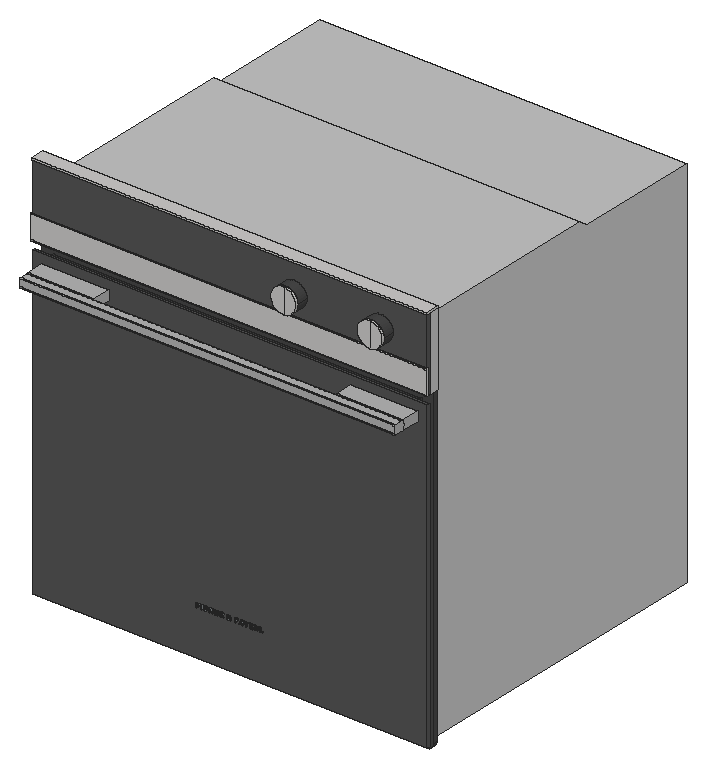
Revit family "FP-Revit18-en-OB60SC7CEB1-Oven-0-90003686A-NZ-AU", category Specialty Equipment, Revit 2020
Family settings
  Round Connector Dimension = Use Diameter
  Part Type = Normal
  OmniClass Number = 23.40.40.14.17.11
  OmniClass Title = Cookers, Ovens, Stoves
  Work Plane-Based = No
  Always vertical = Yes
  Cut with Voids When Loaded = Yes
  Shared = No
  Room Calculation Point = No
Parameters (values of type "OB60SC7CEB1")
  Visibility - Clearance Required = yes
  URL = "www.fisherpaykel.com"
  Product - Width = 597 mm  # constant formula
  Product - Height = 598 mm  # constant formula
  Product - Depth = 565 mm  # constant formula
  Model = "OB60SC7CEB1"
  Material - Trim = Fisher & Paykel - Stainless Steel
  Material - Structure = Fisher & Paykel - Black
  Material - Logo = Fisher & Paykel - Graphics Grey
  Material - Handle = Fisher & Paykel - Aluminium
  Material - Glass = Fisher & Paykel - Glass, Black
  Material - Buttons and Dials = Fisher & Paykel - Stainless Steel
  Material - Body = Fisher & Paykel - Grey
  Manufacturer = "Fisher & Paykel Appliances"
  FFL Offset [instance] = 200 mm
  Description = "60cm Built-In Oven"
  Default Elevation = 0 mm
  Connector Note - Electrical = "220-240 V, 12.3-13.3 A, 50 Hz"
  Chassis - Width = 552 mm  # constant formula
  Chassis - Height = 575 mm  # constant formula
  Chassis - Depth = 545 mm  # constant formula
  Cavity - Width = 560 mm  # constant formula
  Cavity - Height = 580 mm  # constant formula
  Cavity - Depth = 550 mm  # constant formula
Reference planes
  plane 1 "Datum": y = 0
  plane 2: z = 0
  plane 3 "Center (Left/Right)": x = 0
  plane 4 "Cavity": z = 780
  plane 5 "Product Height": z = 798
  plane 6 "Product LHS": x = -298.5
  plane 7 "Product RHS": x = 298.5
  plane 8 "Cavity LHS": x = -300
  plane 9 "Cavity RHS": x = 300
  plane 10 "Cavity - Depth": y = 550
  plane 11 "Product Depth": y = 545
  plane 12 "Front Face": y = -20
  plane 13 "FFL Offset": z = 200
  plane 14 "Cavity Height": z = 800
Forms (mm)
  Extrusion 1, solid, material "Fisher & Paykel - Grey" <- "Material - Body"
    sketch origin (0, 0, 0) x (0, 1, 0) y (0, 0, 1)
      loop
        line (0, 200) -> (525, 200) -> (525, 393.99) -> (545, 413.99) -> (545, 609.73) -> (495, 659.73) -> (495, 764.6) -> (307.721, 764.6) -> (293.958, 775) -> (0, 775) -> (0, 200)
    from -276 to 276
  Extrusion 2, void
    sketch origin (0, 0, 0) x (1, 0, 0) y (0, 1, 0)
      loop
        line (-278.5, 495) -> (-229.63, 495) -> (-179.63, 545) -> (-278.5, 545) -> (-278.5, 495)
      loop
        line (278.5, 495) -> (278.5, 545) -> (94.617, 545) -> (114.617, 525) -> (199.13, 525) -> (229.13, 495) -> (278.5, 495)
    from 200 to 764.6
  Extrusion 3, solid, material "Fisher & Paykel - Stainless Steel" <- "Material - Trim"
    sketch origin (0, 0, 0) x (0, 1, 0) y (0, 0, 1)
      loop
        line (0, 798) -> (-20.5, 798) -> (-20.5, 795.1) -> (0, 795.1) -> (0, 798)
    from -297.35 to 297.35
  Extrusion 4, solid, material "Fisher & Paykel - Grey" <- "Material - Body"
    sketch origin (0, 0, 0) x (0, 1, 0) y (0, 0, 1)
      loop
        line (-16, 795.1) -> (-16, 685.199) -> (0, 685.199) -> (0, 795.1) -> (-16, 795.1)
    from -297.35 to 297.35
  Extrusion 5, solid, material "Fisher & Paykel - Glass, Black" <- "Material - Glass"
    sketch origin (0, 0, 0) x (1, 0, 0) y (0, 0, 1)
      loop
        line (-297.25, 673.199) -> (-297.25, 210.2) -> (297.25, 210.2) -> (297.25, 673.199) -> (-297.25, 673.199)
      loop
        line (-297.35, 686.052) -> (297.35, 686.052) -> (297.35, 794.5) -> (-297.35, 794.5) -> (-297.35, 686.052)
    from 16 to 20
  Extrusion 6, solid, material "Fisher & Paykel - Black" <- "Material - Structure"
    sketch origin (0, 0, 0) x (0, 1, 0) y (0, 0, 1)
      loop
        line (-13.8, 671.699) -> (-16, 671.699) -> (-16, 212.7) -> (-5, 212.7) -> (-5, 668.496) -> (-13.8, 671.699)
    from -277 to 277
  Extrusion 7, solid, material "Fisher & Paykel - Black" <- "Material - Structure"
    sketch origin (0, 0, 0) x (1, 0, 0) y (0, 0, 1)
      loop
        line (-295.5, 685.199) -> (-295.5, 209.536)
        arc (-295.5, 209.536) -> (-292.707, 202.793) -> (-285.964, 200) r 9.536
        line (-285.964, 200) -> (286, 200)
        arc (286, 200) -> (292.718, 202.782) -> (295.5, 209.5) r 9.5
        line (295.5, 209.5) -> (295.5, 685.199) -> (-295.5, 685.199)
    from 0 to 5
  Extrusion 8, solid, material "Fisher & Paykel - Clearance Required", visible <- "Visibility - Clearance Required", detail levels coarse
    sketch origin (0, 0, 0) x (0, 1, 0) y (0, 0, 1)
      loop
        line (0, 800) -> (-20, 800) -> (-20, 673.254)
        arc (-20, 673.254) -> (-320.822, 551.394) -> (-469.99, 263.137) r 467.908
        line (-469.99, 263.137) -> (-462.266, 262.194) -> (-467.348, 220.567) -> (-449.569, 218.396) -> (-444.479, 260.086) -> (-20, 208.26) -> (-20, 200) -> (0, 200) -> (0, 800)
    from -300 to 300
  Extrusion 9, solid, material "Fisher & Paykel - Clearance Required", visible <- "Visibility - Clearance Required", detail levels coarse
    sketch origin (0, 0, 0) x (1, 0, 0) y (0, 1, 0)
      loop
        line (-280, 0) -> (280, 0) -> (280, 550) -> (-280, 550) -> (-280, 0)
    from 200 to 780
  Extrusion 10, void
    sketch origin (0, 0, 0) x (1, 0, 0) y (0, 1, 0)
      loop
        line (-300, -20) -> (300, -20) -> (300, 0) -> (-300, 0) -> (-300, -20)
    from 200 to 800
  Extrusion 11, solid, material "Fisher & Paykel - Stainless Steel" <- "Material - Trim", detail levels fine
    sketch origin (0, 0, 0) x (0, 1, 0) y (0, 0, 1)
      loop
        line (-22.25, 722.193) -> (-22.25, 687.281)
        arc (-22.25, 687.281) -> (-21.89, 686.412) -> (-21.021, 686.052) r 1.229
        line (-21.021, 686.052) -> (-20, 686.052) -> (-20, 723.356) -> (-21.087, 723.356)
        arc (-21.087, 723.356) -> (-21.909, 723.015) -> (-22.25, 722.193) r 1.163
    from -298.5 to 298.5
  Extrusion 12, void
    sketch origin (0, 0, 0) x (1, 0, 0) y (0, 1, 0)
      loop
        line (-280, 550) -> (-280, 0) -> (280, 0) -> (280, 550) -> (-280, 550)
    from 200 to 780
  Extrusion 13, solid, material "Fisher & Paykel - Black"
    sketch origin (0, 0, 0) x (1, 0, 0) y (0, 0, 1)
      loop
        circle (226.999, 752.449) r 18.791
      loop
        circle (97, 752.449) r 18.791
    from 20 to 37.3
  Revolve 14, solid, material "Fisher & Paykel - Stainless Steel" <- "Material - Buttons and Dials", detail levels fine
    sketch origin (97, 0, 0) x (0, 1, 0) y (0, 0, 1)
      loop
        line (-40.3, 752.449) -> (-37.3, 752.449) -> (-37.3, 771.24) -> (-40.3, 771.24) -> (-40.3, 752.449)
      axis (-37.3, 752.449) -> (-40.3, 752.449)
    angle from 0 to 360
  Revolve 15, solid, material "Fisher & Paykel - Stainless Steel" <- "Material - Buttons and Dials", detail levels fine
    sketch origin (226.999, 0, 0) x (0, 1, 0) y (0, 0, 1)
      loop
        line (-40.3, 752.449) -> (-37.3, 752.449) -> (-37.3, 771.24) -> (-40.3, 771.24) -> (-40.3, 752.449)
      axis (-37.3, 752.449) -> (-40.3, 752.449)
    angle from 0 to 360
  Extrusion 16, solid, material "Fisher & Paykel - Aluminium" <- "Material - Handle", detail levels fine
    sketch origin (0, -21, 652.521) x (0, 1, 0) y (0, 0, 1)
      loop
        arc (-26.813, 6.16) -> (-27.196, 6.554) -> (-27.728, 6.686) r 1
        line (-27.728, 6.686) -> (-40.035, 6.256)
        arc (-40.035, 6.256) -> (-40.719, 5.951) -> (-41, 5.257) r 1
        line (-41, 5.257) -> (-41, -5.257)
        arc (-41, -5.257) -> (-40.719, -5.951) -> (-40.035, -6.256) r 1
        line (-40.035, -6.256) -> (-27.709, -6.686)
        arc (-27.709, -6.686) -> (-27.175, -6.554) -> (-26.792, -6.158) r 1
        arc (-26.792, -6.158) -> (-25.256, 0.004) -> (-26.813, 6.16) r 13.038
    from -282.5 to 282.5
  Extrusion 17, solid, material "Fisher & Paykel - Aluminium" <- "Material - Handle", detail levels fine
    sketch origin (0, -21, 652.521) x (0, 1, 0) y (0, 0, 1)
      loop
        arc (-26.626, -6.008) -> (-26.614, -6.49) -> (-26.2, -6.737) r 0.5
        line (-26.2, -6.737) -> (1, -7.732) -> (1, 7.741) -> (-26.174, 6.747)
        arc (-26.174, 6.747) -> (-26.587, 6.5) -> (-26.6, 6.019) r 0.5
        arc (-26.6, 6.019) -> (-25.156, 0.002) -> (-26.626, -6.008) r 13.136
    from 182.5 to 282.5
  Extrusion 18, solid, material "Fisher & Paykel - Aluminium" <- "Material - Handle", detail levels coarse+medium
    sketch origin (0, -21, 652.521) x (1, 0, 0) y (0, 1, 0)
      loop
        line (-282.5, -41) -> (282.5, -41) -> (282.5, 1) -> (182.5, 1) -> (182.5, -26.156) -> (-182.5, -26.156) -> (-182.5, 1) -> (-282.5, 1) -> (-282.5, -41)
    from -8.022 to 7.978
  Extrusion 19, solid, material "Fisher & Paykel - Aluminium" <- "Material - Handle", detail levels fine
    sketch origin (0, -21, 652.521) x (0, 1, 0) y (0, 0, 1)
      loop
        arc (-26.626, -6.008) -> (-26.614, -6.49) -> (-26.2, -6.737) r 0.5
        line (-26.2, -6.737) -> (1, -7.732) -> (1, 7.741) -> (-26.174, 6.747)
        arc (-26.174, 6.747) -> (-26.587, 6.5) -> (-26.6, 6.019) r 0.5
        arc (-26.6, 6.019) -> (-25.156, 0.002) -> (-26.626, -6.008) r 13.136
    from -282.5 to -182.5
  Extrusion 20, solid, material "Fisher & Paykel - Aluminium" <- "Material - Handle", not visible, detail levels fine
    sketch origin (0, -22, 652) x (0, 1, 0) y (0, 0, 1)
      loop
        arc (-26.813, 6.16) -> (-27.196, 6.554) -> (-27.728, 6.686) r 1
        line (-27.728, 6.686) -> (-40.035, 6.256)
        arc (-40.035, 6.256) -> (-40.719, 5.951) -> (-41, 5.257) r 1
        line (-41, 5.257) -> (-41, -5.257)
        arc (-41, -5.257) -> (-40.719, -5.951) -> (-40.035, -6.256) r 1
        line (-40.035, -6.256) -> (-27.709, -6.686)
        arc (-27.709, -6.686) -> (-27.175, -6.554) -> (-26.792, -6.158) r 1
        arc (-26.792, -6.158) -> (-25.256, 0.004) -> (-26.813, 6.16) r 13.038
    from -282.5 to 282.5
  Extrusion 21, solid, material "Fisher & Paykel - Aluminium" <- "Material - Handle", not visible, detail levels fine
    sketch origin (0, -22, 652) x (0, 1, 0) y (0, 0, 1)
      loop
        arc (-26.626, -6.008) -> (-26.614, -6.49) -> (-26.2, -6.737) r 0.5
        line (-26.2, -6.737) -> (1, -7.732) -> (1, 7.741) -> (-26.174, 6.747)
        arc (-26.174, 6.747) -> (-26.587, 6.5) -> (-26.6, 6.019) r 0.5
        arc (-26.6, 6.019) -> (-25.156, 0.002) -> (-26.626, -6.008) r 13.136
    from 182.5 to 282.5
  Extrusion 22, solid, material "Fisher & Paykel - Aluminium" <- "Material - Handle", not visible, detail levels coarse+medium
    sketch origin (0, -22, 652) x (1, 0, 0) y (0, 1, 0)
      loop
        line (-282.5, -41) -> (282.5, -41) -> (282.5, 1) -> (182.5, 1) -> (182.5, -26.156) -> (-182.5, -26.156) -> (-182.5, 1) -> (-282.5, 1) -> (-282.5, -41)
    from -8.022 to 7.978
  Extrusion 23, solid, material "Fisher & Paykel - Aluminium" <- "Material - Handle", not visible, detail levels fine
    sketch origin (0, -22, 652) x (0, 1, 0) y (0, 0, 1)
      loop
        arc (-26.626, -6.008) -> (-26.614, -6.49) -> (-26.2, -6.737) r 0.5
        line (-26.2, -6.737) -> (1, -7.732) -> (1, 7.741) -> (-26.174, 6.747)
        arc (-26.174, 6.747) -> (-26.587, 6.5) -> (-26.6, 6.019) r 0.5
        arc (-26.6, 6.019) -> (-25.156, 0.002) -> (-26.626, -6.008) r 13.136
    from -282.5 to -182.5
  Extrusion 24, solid, material "Fisher & Paykel - Graphics Grey" <- "Material - Logo", detail levels fine
    sketch origin (0, -20, 278.956) x (1, 0, 0) y (0, 0, 1)
      loop
        line (-50.044, 0) -> (-48.47, 0) -> (-48.47, 2.138) -> (-46.011, 2.138) -> (-46.011, 3.472) -> (-48.47, 3.472) -> (-48.47, 4.712) -> (-45.795, 4.712) -> (-45.795, 6.04) -> (-50.044, 6.04) -> (-50.044, 0)
      loop
        line (-42.804, 6.04) -> (-42.804, 0) -> (-41.23, 0) -> (-41.23, 6.04) -> (-42.804, 6.04)
      loop
        line (-30.724, 6.04) -> (-30.724, 0) -> (-29.151, 0) -> (-29.151, 2.42) -> (-26.839, 2.42) -> (-26.839, 0) -> (-25.265, 0) -> (-25.265, 6.04) -> (-26.839, 6.04) -> (-26.839, 3.748) -> (-29.151, 3.748) -> (-29.151, 6.04) -> (-30.724, 6.04)
      loop
        line (-21.906, 6.04) -> (-21.906, 0) -> (-17.602, 0) -> (-17.602, 1.328) -> (-20.347, 1.328) -> (-20.347, 2.42) -> (-17.838, 2.42) -> (-17.838, 3.748) -> (-20.347, 3.748) -> (-20.347, 4.712) -> (-17.602, 4.712) -> (-17.602, 6.04) -> (-21.906, 6.04)
      loop
        line (45.667, 6.04) -> (45.667, 0) -> (49.956, 0) -> (49.956, 1.328) -> (47.241, 1.328) -> (47.241, 6.04) -> (45.667, 6.04)
      loop
        line (42.431, 6.04) -> (38.112, 6.04) -> (38.112, 0) -> (42.431, 0) -> (42.431, 1.328) -> (39.687, 1.328) -> (39.687, 2.42) -> (42.195, 2.42) -> (42.195, 3.748) -> (39.687, 3.748) -> (39.687, 4.712) -> (42.431, 4.712) -> (42.431, 6.04)
      loop
        line (33.451, 3.148) -> (35.683, 6.04) -> (33.844, 6.04) -> (31.915, 3.542) -> (31.915, 6.04) -> (30.342, 6.04) -> (30.342, 0) -> (31.915, 0) -> (31.915, 2.705) -> (33.903, 0) -> (35.763, 0) -> (33.451, 3.148)
      loop
        line (21.98, 6.04) -> (24.262, 2.42) -> (24.262, 0) -> (25.837, 0) -> (25.837, 2.341) -> (28.119, 6.04) -> (26.446, 6.04) -> (25.099, 3.707) -> (23.753, 6.04) -> (21.98, 6.04)
      loop
        line (18.479, 6.04) -> (16.983, 6.04) -> (14.524, 0) -> (16.069, 0) -> (16.501, 1.112) -> (18.921, 1.112) -> (19.354, 0) -> (20.938, 0) -> (18.479, 6.04)
      loop
        line (18.4, 2.439) -> (17.693, 4.174) -> (17.018, 2.439) -> (18.4, 2.439)
      loop
        line (8.031, 6.04) -> (8.031, 0) -> (9.605, 0) -> (9.605, 1.938) -> (10.599, 1.938)
        arc (10.599, 1.938) -> (12.65, 3.989) -> (10.599, 6.04) r 2.051
        line (10.599, 6.04) -> (8.031, 6.04)
      loop
        line (9.605, 4.712) -> (9.605, 3.197) -> (10.501, 3.197)
        arc (10.501, 3.197) -> (11.259, 3.954) -> (10.501, 4.712) r 0.757
        line (10.501, 4.712) -> (9.605, 4.712)
      loop
        line (-11.783, 6.04) -> (-14.366, 6.04) -> (-14.366, 0) -> (-12.792, 0) -> (-12.792, 1.336) -> (-11.992, 1.336) -> (-10.972, 0) -> (-9.153, 0) -> (-10.694, 1.973)
        arc (-10.694, 1.973) -> (-9.678, 4.424) -> (-11.783, 6.04) r 2.179
      loop
        line (-11.897, 4.712) -> (-12.792, 4.712) -> (-12.792, 3.053) -> (-11.897, 3.053)
        arc (-11.897, 3.053) -> (-11.068, 3.882) -> (-11.897, 4.712) r 0.83
      loop
        line (0.477, 4.712) -> (0.477, 6.153) -> (-3.575, 6.153) -> (-3.575, 4.851) -> (-2.974, 4.112)
        arc (-2.974, 4.112) -> (-3.51, 0.684) -> (-0.045, 0.512) r 2.334
        line (-0.045, 0.512) -> (0.46, -0.109) -> (2.246, -0.109) -> (0.86, 1.594) -> (2.061, 3.324) -> (0.443, 3.324) -> (-0.013, 2.667) -> (-1.677, 4.712) -> (0.477, 4.712)
      loop
        arc (-2.125, 3.068) -> (-2.269, 1.668) -> (-0.868, 1.524) r 0.996
        line (-0.868, 1.524) -> (-2.125, 3.068)
      loop
        line (-35.18, 3.634) -> (-36.516, 3.91)
        arc (-36.516, 3.91) -> (-37.049, 4.443) -> (-36.516, 4.976) r 0.533
        arc (-36.516, 4.976) -> (-35.235, 4.79) -> (-34.059, 4.248) r 4.505
        line (-34.059, 4.248) -> (-34.059, 5.743)
        arc (-34.059, 5.743) -> (-35.549, 6.179) -> (-37.1, 6.109) r 4.726
        arc (-37.1, 6.109) -> (-38.536, 4.335) -> (-37.1, 2.561) r 1.814
        line (-37.1, 2.561) -> (-35.754, 2.282)
        arc (-35.754, 2.282) -> (-35.221, 1.749) -> (-35.754, 1.216) r 0.533
        arc (-35.754, 1.216) -> (-37.035, 1.402) -> (-38.211, 1.945) r 4.505
        line (-38.211, 1.945) -> (-38.211, 0.449)
        arc (-38.211, 0.449) -> (-36.72, 0.013) -> (-35.169, 0.083) r 4.726
        arc (-35.169, 0.083) -> (-33.734, 1.863) -> (-35.18, 3.634) r 1.814
    from 0 to 0.8
  Extrusion 25, solid, material "Fisher & Paykel - Grey" <- "Material - Body"
    sketch origin (154.861, 0, 0) x (0, 1, 0) y (0, 0, 1)
      loop
        circle (504.5, 703) r 4
    from -410 to -372.861
  Extrusion 26, solid, material "Fisher & Paykel - Grey" <- "Material - Body"
    sketch origin (154.861, 0, 0) x (0, 1, 0) y (0, 0, 1)
      loop
        line (495, 683) -> (514, 683) -> (514, 736) -> (495, 736) -> (495, 683)
    from -372.861 to -289.861
Cuts and joins
  Extrusion 2 cuts Extrusion 1
Lines and regions (mm)
  model lines, style "Fisher & Paykel"
    curve 1: line (217.5, -20, 334) -> (-217.5, -20, 334)
    curve 2: line (217.5, -20, 617.236) -> (217.5, -20, 334)
    curve 3: line (-217.5, -20, 617.236) -> (217.5, -20, 617.236)
    curve 4: line (-217.5, -20, 334) -> (-217.5, -20, 617.236)
Text (mm)
  text "Due to ongoing product development, product details are subject to change without notice. \nPlease always refer to www.fisherpaykel.com for the most current product information. \n© Fisher & Paykel 2020" at (40.64, -604.808, 0), in view "Ref. Level (Plan)"
Dimensions and locks
  equal spacing: plane 6 "Product LHS", plane 3 "Center (Left/Right)", plane 7 "Product RHS"
  "Product - Width": plane 6 "Product LHS" to plane 7 "Product RHS"
  equal spacing: plane 8 "Cavity LHS", plane 3 "Center (Left/Right)", plane 9 "Cavity RHS"
  "Cavity - Depth": plane 10 "Cavity - Depth" to plane 1 "Datum"
  "Chassis - Depth": plane 11 "Product Depth" to plane 1 "Datum"
  plane 12 "Front Face" to plane 1 "Datum" = 20 mm
  "Product - Depth": plane 11 "Product Depth" to plane 12 "Front Face"
  "FFL Offset": plane 13 "FFL Offset" to level
  "Product - Height": plane 5 "Product Height" to plane 13 "FFL Offset"
  "Cavity - Height": plane 4 "Cavity" to plane 13 "FFL Offset"
  Extrusion 5 to plane 13 "FFL Offset" = 10.2 mm
  Extrusion 6 to plane 13 "FFL Offset" = 12.7 mm
  locked: plane 5 "Product Height" to cut or joined group of Extrusion 1, Extrusion 2 at 33.4
  locked: Extrusion 8 sketch curve to plane 13 "FFL Offset" at 473.254
  locked: Extrusion 8 sketch curve to Extrusion 8 sketch curve at 42
  locked: Extrusion 8 sketch curve to Extrusion 8 sketch curve at 427.631
  locked: plane 14 "Cavity Height" to plane 13 "FFL Offset" at 600
  locked: Extrusion 18 to plane 13 "FFL Offset" at 460.499
  locked: Extrusion 24 to plane 13 "FFL Offset" at 78.847
  equal spacing: Extrusion 9, plane 3 "Center (Left/Right)", Extrusion 9
  "Cavity - Width": Extrusion 9 to Extrusion 9
  equal spacing: cut or joined group of Extrusion 1, Extrusion 2, plane 3 "Center (Left/Right)", cut or joined group of Extrusion 1, Extrusion 2
  "Chassis - Width": cut or joined group of Extrusion 1, Extrusion 2 to cut or joined group of Extrusion 1, Extrusion 2
  aligned and locked: level to plane 2
  aligned and locked: plane 8 "Cavity LHS" to Extrusion 8
  aligned and locked: Extrusion 8 to plane 9 "Cavity RHS"
  aligned and locked: Extrusion 1 sketch curve to plane 13 "FFL Offset"
  aligned and locked: Extrusion 1 to Extrusion 2
  aligned and locked: Extrusion 2 to Extrusion 1
  aligned and locked: plane 13 "FFL Offset" to Extrusion 8 sketch curve
  aligned and locked: plane 13 "FFL Offset" to Extrusion 7 sketch curve
  aligned and locked: Extrusion 12 to cut or joined group of Extrusion 1, Extrusion 2
  aligned and locked: plane 4 "Cavity" to Extrusion 12
  aligned and locked: plane 4 "Cavity" to Extrusion 9
  aligned and locked: Extrusion 9 to cut or joined group of Extrusion 1, Extrusion 2
  aligned and locked: Extrusion 10 to cut or joined group of Extrusion 1, Extrusion 2
  aligned and locked: Extrusion 10 to Extrusion 7
  aligned and locked: Extrusion 10 to Extrusion 8
  aligned and locked: plane 14 "Cavity Height" to Extrusion 10
  aligned and locked: Extrusion 12 to Extrusion 9  (x2)
Automatic sketch dimensions
  Extrusion 1 sketch curve to plane 1 "Datum" = 0 mm
  Extrusion 1 sketch curve to plane 11 "Product Depth" = 0 mm
  Extrusion 1 sketch curve to plane 4 "Cavity" = 5 mm
  Extrusion 1 sketch curve to plane 11 "Product Depth" = 251.042 mm
  Extrusion 1 sketch curve to Extrusion 1 sketch curve = 13.762 mm
  Extrusion 1 sketch curve to plane 4 "Cavity" = 15.4 mm
  Extrusion 1 sketch curve to plane 11 "Product Depth" = 50 mm
  Extrusion 1 sketch curve to plane 11 "Product Depth" = 20 mm
  Extrusion 1 sketch curve to Extrusion 1 sketch curve = 193.99 mm
  Extrusion 1 sketch curve to Extrusion 1 sketch curve = 20 mm
  Extrusion 1 sketch curve to Extrusion 1 sketch curve = 154.87 mm
  Extrusion 1 sketch curve to Extrusion 1 sketch curve = 50 mm
  Extrusion 2 sketch curve to plane 11 "Product Depth" = 0 mm  (x2)
  Extrusion 2 sketch curve to plane 6 "Product LHS" = 20 mm
  Extrusion 2 sketch curve to Extrusion 2 sketch curve = 48.87 mm
  Extrusion 2 sketch curve to Extrusion 2 sketch curve = 50 mm  (x3)
  plane 3 "Center (Left/Right)" to Extrusion 2 sketch curve = 94.617 mm
  Extrusion 2 sketch curve to Extrusion 2 sketch curve = 20 mm
  Extrusion 2 sketch curve to plane 11 "Product Depth" = 20 mm
  Extrusion 2 sketch curve to Extrusion 2 sketch curve = 84.513 mm
  Extrusion 2 sketch curve to Extrusion 2 sketch curve = 30 mm
  plane 7 "Product RHS" to Extrusion 2 sketch curve = 20 mm
  Extrusion 3 sketch curve to plane 1 "Datum" = 0 mm
  Extrusion 3 sketch curve to plane 12 "Front Face" = 0.5 mm
  Extrusion 3 sketch curve to plane 5 "Product Height" = 2.9 mm
  plane 5 "Product Height" to Extrusion 3 sketch curve = 0 mm
  Extrusion 4 sketch curve to plane 1 "Datum" = 0 mm
  plane 12 "Front Face" to Extrusion 4 sketch curve = 4 mm
  Extrusion 4 sketch curve to plane 4 "Cavity" = 94.801 mm
  Extrusion 4 sketch curve to plane 5 "Product Height" = 2.9 mm
  Extrusion 5 sketch curve to plane 6 "Product LHS" = 1.25 mm
  Extrusion 5 sketch curve to plane 6 "Product LHS" = 1.15 mm
  plane 7 "Product RHS" to Extrusion 5 sketch curve = 1.15 mm
  plane 7 "Product RHS" to Extrusion 5 sketch curve = 1.25 mm
  plane 13 "FFL Offset" to Extrusion 5 sketch curve = 10.2 mm
  Extrusion 5 sketch curve to plane 4 "Cavity" = 106.801 mm
  Extrusion 5 sketch curve to Extrusion 5 sketch curve = 12.853 mm
  Extrusion 5 sketch curve to plane 5 "Product Height" = 3.5 mm
  plane 12 "Front Face" to Extrusion 6 sketch curve = 4 mm
  Extrusion 6 sketch curve to Extrusion 6 sketch curve = 2.2 mm
  plane 1 "Datum" to Extrusion 6 sketch curve = 5 mm
  plane 13 "FFL Offset" to Extrusion 6 sketch curve = 12.7 mm
  Extrusion 6 sketch curve to plane 4 "Cavity" = 111.504 mm
  Extrusion 6 sketch curve to Extrusion 6 sketch curve = 3.203 mm
  Extrusion 7 sketch curve to plane 6 "Product LHS" = 3 mm
  Extrusion 7 sketch curve to Extrusion 7 sketch curve = 9.536 mm
  plane 7 "Product RHS" to Extrusion 7 sketch curve = 12.5 mm
  plane 7 "Product RHS" to Extrusion 7 sketch curve = 3 mm
  Extrusion 7 sketch curve to plane 4 "Cavity" = 94.801 mm
  Extrusion 9 sketch curve to plane 10 "Cavity - Depth" = 0 mm
  plane 1 "Datum" to Extrusion 9 sketch curve = 0 mm
  Extrusion 9 sketch curve to plane 6 "Product LHS" = 18.5 mm
  plane 7 "Product RHS" to Extrusion 9 sketch curve = 18.5 mm
  plane 1 "Datum" to Extrusion 10 sketch curve = 0 mm
  Extrusion 10 sketch curve to plane 8 "Cavity LHS" = 0 mm
  Extrusion 10 sketch curve to plane 9 "Cavity RHS" = 0 mm
  Extrusion 10 sketch curve to plane 12 "Front Face" = 0 mm
  Extrusion 11 sketch curve to plane 12 "Front Face" = 0 mm
  Extrusion 11 sketch curve to Extrusion 11 sketch curve = 1.021 mm
  Extrusion 11 sketch curve to plane 12 "Front Face" = 1.087 mm
  Extrusion 11 sketch curve to Extrusion 11 sketch curve = 1.229 mm
  Extrusion 11 sketch curve to plane 4 "Cavity" = 93.948 mm
  Extrusion 11 sketch curve to Extrusion 11 sketch curve = 34.912 mm
  plane 1 "Datum" to Extrusion 12 sketch curve = 0 mm
  Extrusion 12 sketch curve to plane 10 "Cavity - Depth" = 0 mm
  Extrusion 12 sketch curve to plane 6 "Product LHS" = 18.5 mm
  plane 7 "Product RHS" to Extrusion 12 sketch curve = 18.5 mm
  Revolve 14 sketch curve to plane 12 "Front Face" = 20.3 mm
  Revolve 14 sketch curve to Revolve 14 sketch curve = 3 mm
  Revolve 14 sketch curve to plane 4 "Cavity" = 27.551 mm
  Revolve 14 sketch curve to plane 4 "Cavity" = 8.76 mm
  Revolve 14 sketch curve to Revolve 14 sketch curve = 6.8 mm
  Revolve 14 sketch curve to Revolve 14 sketch curve = 3.2 mm
  Revolve 14 sketch curve to Revolve 14 sketch curve = 0 mm
  Revolve 15 sketch curve to plane 12 "Front Face" = 20.3 mm
  Revolve 15 sketch curve to Revolve 15 sketch curve = 3 mm
  Revolve 15 sketch curve to plane 4 "Cavity" = 27.551 mm
  Revolve 15 sketch curve to plane 4 "Cavity" = 8.76 mm
  Revolve 15 sketch curve to Revolve 15 sketch curve = 6.8 mm
  Revolve 15 sketch curve to Revolve 15 sketch curve = 3.2 mm
  Revolve 15 sketch curve to Revolve 15 sketch curve = 0 mm
  Extrusion 16 sketch curve to Extrusion 16 sketch curve = 0.965 mm  (x2)
  Extrusion 16 sketch curve to Extrusion 16 sketch curve = 0.035 mm  (x4)
  Extrusion 16 sketch curve to Extrusion 16 sketch curve = 1.706 mm
  Extrusion 16 sketch curve to Extrusion 16 sketch curve = 12.307 mm
  Extrusion 16 sketch curve to Extrusion 16 sketch curve = 12.326 mm
  Extrusion 16 sketch curve to Extrusion 16 sketch curve = 0.999 mm  (x2)
  Extrusion 16 sketch curve to Extrusion 16 sketch curve = 5.238 mm
  Extrusion 16 sketch curve to Extrusion 16 sketch curve = 0 mm
  Extrusion 17 sketch curve to Extrusion 17 sketch curve = 12.091 mm
  Extrusion 17 sketch curve to Extrusion 17 sketch curve = 0.018 mm  (x2)
  Extrusion 17 sketch curve to Extrusion 17 sketch curve = 0.008 mm
  Extrusion 17 sketch curve to Extrusion 17 sketch curve = 27.174 mm
  Extrusion 17 sketch curve to Extrusion 17 sketch curve = 15.473 mm
  Extrusion 17 sketch curve to Extrusion 17 sketch curve = 0.5 mm  (x2)
  Extrusion 17 sketch curve to Extrusion 17 sketch curve = 0 mm
  Extrusion 18 sketch curve to Extrusion 18 sketch curve = 14.844 mm
  Extrusion 18 sketch curve to Extrusion 18 sketch curve = 27.156 mm  (x2)
  Extrusion 19 sketch curve to Extrusion 19 sketch curve = 12.091 mm
  Extrusion 19 sketch curve to Extrusion 19 sketch curve = 0.018 mm  (x2)
  Extrusion 19 sketch curve to Extrusion 19 sketch curve = 0.008 mm
  Extrusion 19 sketch curve to Extrusion 19 sketch curve = 27.174 mm
  Extrusion 19 sketch curve to Extrusion 19 sketch curve = 15.473 mm
  Extrusion 19 sketch curve to Extrusion 19 sketch curve = 0.5 mm  (x2)
  Extrusion 19 sketch curve to Extrusion 19 sketch curve = 0 mm
  Extrusion 16 sketch curve to Extrusion 16 sketch curve = 0.43 mm
  Extrusion 16 sketch curve to Extrusion 16 sketch curve = 5.275 mm
  Extrusion 16 sketch curve to Extrusion 16 sketch curve = 11.374 mm
  Extrusion 17 sketch curve to Extrusion 17 sketch curve = 0.995 mm
  Extrusion 17 sketch curve to Extrusion 17 sketch curve = 6.268 mm
  Extrusion 17 sketch curve to Extrusion 17 sketch curve = 12.255 mm
  Extrusion 18 sketch curve to Extrusion 18 sketch curve = 100 mm  (x2)
  Extrusion 18 sketch curve to Extrusion 18 sketch curve = 365 mm
  Extrusion 19 sketch curve to Extrusion 19 sketch curve = 0.995 mm
  Extrusion 19 sketch curve to Extrusion 19 sketch curve = 6.268 mm
  Extrusion 19 sketch curve to Extrusion 19 sketch curve = 12.255 mm
  Extrusion 20 sketch curve to Extrusion 20 sketch curve = 0.965 mm  (x2)
  Extrusion 20 sketch curve to Extrusion 20 sketch curve = 0.035 mm  (x4)
  Extrusion 20 sketch curve to Extrusion 20 sketch curve = 1.706 mm
  Extrusion 20 sketch curve to Extrusion 20 sketch curve = 12.307 mm
  Extrusion 20 sketch curve to Extrusion 20 sketch curve = 12.326 mm
  Extrusion 20 sketch curve to Extrusion 20 sketch curve = 0.999 mm  (x2)
  Extrusion 20 sketch curve to Extrusion 20 sketch curve = 5.238 mm
  Extrusion 20 sketch curve to Extrusion 20 sketch curve = 0 mm
  Extrusion 21 sketch curve to Extrusion 21 sketch curve = 12.091 mm
  Extrusion 21 sketch curve to Extrusion 21 sketch curve = 0.018 mm  (x2)
  Extrusion 21 sketch curve to Extrusion 21 sketch curve = 0.008 mm
  Extrusion 21 sketch curve to Extrusion 21 sketch curve = 27.174 mm
  Extrusion 21 sketch curve to Extrusion 21 sketch curve = 15.473 mm
  Extrusion 21 sketch curve to Extrusion 21 sketch curve = 0.5 mm  (x2)
  Extrusion 21 sketch curve to Extrusion 21 sketch curve = 0 mm
  Extrusion 22 sketch curve to Extrusion 22 sketch curve = 14.844 mm
  Extrusion 22 sketch curve to Extrusion 22 sketch curve = 27.156 mm  (x2)
  Extrusion 23 sketch curve to Extrusion 23 sketch curve = 12.091 mm
  Extrusion 23 sketch curve to Extrusion 23 sketch curve = 0.018 mm  (x2)
  Extrusion 23 sketch curve to Extrusion 23 sketch curve = 0.008 mm
  Extrusion 23 sketch curve to Extrusion 23 sketch curve = 27.174 mm
  Extrusion 23 sketch curve to Extrusion 23 sketch curve = 15.473 mm
  Extrusion 23 sketch curve to Extrusion 23 sketch curve = 0.5 mm  (x2)
  Extrusion 23 sketch curve to Extrusion 23 sketch curve = 0 mm
  Extrusion 20 sketch curve to Extrusion 20 sketch curve = 0.43 mm
  Extrusion 20 sketch curve to Extrusion 20 sketch curve = 5.275 mm
  Extrusion 20 sketch curve to Extrusion 20 sketch curve = 11.374 mm
  Extrusion 21 sketch curve to Extrusion 21 sketch curve = 0.995 mm
  Extrusion 21 sketch curve to Extrusion 21 sketch curve = 6.268 mm
  Extrusion 21 sketch curve to Extrusion 21 sketch curve = 12.255 mm
  Extrusion 22 sketch curve to Extrusion 22 sketch curve = 100 mm  (x2)
  Extrusion 22 sketch curve to Extrusion 22 sketch curve = 365 mm
  Extrusion 23 sketch curve to Extrusion 23 sketch curve = 0.995 mm
  Extrusion 23 sketch curve to Extrusion 23 sketch curve = 6.268 mm
  Extrusion 23 sketch curve to Extrusion 23 sketch curve = 12.255 mm
  Extrusion 24 sketch curve to plane 6 "Product LHS" = 248.456 mm
  Extrusion 24 sketch curve to Extrusion 24 sketch curve = 1.574 mm  (x12)
  Extrusion 24 sketch curve to Extrusion 24 sketch curve = 2.459 mm
  Extrusion 24 sketch curve to Extrusion 24 sketch curve = 0.216 mm
  Extrusion 24 sketch curve to Extrusion 24 sketch curve = 3.207 mm
  Extrusion 24 sketch curve to Extrusion 24 sketch curve = 3.02 mm
  plane 13 "FFL Offset" to Extrusion 24 sketch curve = 81.516 mm
  Extrusion 24 sketch curve to Extrusion 24 sketch curve = 1.11 mm
  Extrusion 24 sketch curve to Extrusion 24 sketch curve = 0.379 mm
  Extrusion 24 sketch curve to Extrusion 24 sketch curve = 0.206 mm  (x2)
  Extrusion 24 sketch curve to Extrusion 24 sketch curve = 0.36 mm  (x2)
  Extrusion 24 sketch curve to Extrusion 24 sketch curve = 0.402 mm
  plane 13 "FFL Offset" to Extrusion 24 sketch curve = 81.238 mm
  Extrusion 24 sketch curve to Extrusion 24 sketch curve = 0 mm  (x19)
  plane 13 "FFL Offset" to Extrusion 24 sketch curve = 82.59 mm
  Extrusion 24 sketch curve to Extrusion 24 sketch curve = 1.335 mm  (x2)
  Extrusion 24 sketch curve to Extrusion 24 sketch curve = 1.121 mm
  Extrusion 24 sketch curve to Extrusion 24 sketch curve = 3.335 mm
  Extrusion 24 sketch curve to Extrusion 24 sketch curve = 2.312 mm  (x2)
  Extrusion 24 sketch curve to Extrusion 24 sketch curve = 3.359 mm
  Extrusion 24 sketch curve to Extrusion 24 sketch curve = 1.559 mm
  Extrusion 24 sketch curve to Extrusion 24 sketch curve = 2.508 mm  (x2)
  Extrusion 24 sketch curve to Extrusion 24 sketch curve = 0.236 mm  (x4)
  Extrusion 24 sketch curve to Extrusion 24 sketch curve = 3.236 mm  (x2)
  Extrusion 24 sketch curve to Extrusion 24 sketch curve = 0.8 mm
  Extrusion 24 sketch curve to Extrusion 24 sketch curve = 0.895 mm
  Extrusion 24 sketch curve to Extrusion 24 sketch curve = 0.114 mm
  Extrusion 24 sketch curve to Extrusion 24 sketch curve = 1.02 mm
  plane 13 "FFL Offset" to Extrusion 24 sketch curve = 80.929 mm
  Extrusion 24 sketch curve to Extrusion 24 sketch curve = 1.298 mm
  Extrusion 24 sketch curve to Extrusion 24 sketch curve = 1.82 mm
  Extrusion 24 sketch curve to Extrusion 24 sketch curve = 8.207 mm
  plane 13 "FFL Offset" to Extrusion 24 sketch curve = 83.067 mm
  Extrusion 24 sketch curve to Extrusion 24 sketch curve = 0.602 mm
  plane 13 "FFL Offset" to Extrusion 24 sketch curve = 82.024 mm
  Extrusion 24 sketch curve to Extrusion 24 sketch curve = 0.849 mm
  Extrusion 24 sketch curve to Extrusion 24 sketch curve = 0.425 mm
  Extrusion 24 sketch curve to Extrusion 24 sketch curve = 1.297 mm
  Extrusion 24 sketch curve to Extrusion 24 sketch curve = 0.203 mm
  plane 13 "FFL Offset" to Extrusion 24 sketch curve = 80.48 mm
  Extrusion 24 sketch curve to Extrusion 24 sketch curve = 0.628 mm
  plane 13 "FFL Offset" to Extrusion 24 sketch curve = 79.467 mm
  Extrusion 24 sketch curve to Extrusion 24 sketch curve = 0.824 mm
  plane 13 "FFL Offset" to Extrusion 24 sketch curve = 81.623 mm
  Extrusion 24 sketch curve to Extrusion 24 sketch curve = 0.855 mm
  plane 13 "FFL Offset" to Extrusion 24 sketch curve = 82.28 mm
  Extrusion 24 sketch curve to Extrusion 24 sketch curve = 0.456 mm
  Extrusion 24 sketch curve to Extrusion 24 sketch curve = 0.505 mm
  Extrusion 24 sketch curve to Extrusion 24 sketch curve = 0.034 mm  (x2)
  plane 13 "FFL Offset" to Extrusion 24 sketch curve = 80.55 mm
  Extrusion 24 sketch curve to Extrusion 24 sketch curve = 0.873 mm
  Extrusion 24 sketch curve to Extrusion 24 sketch curve = 1.618 mm
  plane 13 "FFL Offset" to Extrusion 24 sketch curve = 78.847 mm
  Extrusion 24 sketch curve to Extrusion 24 sketch curve = 1.785 mm
  Extrusion 24 sketch curve to Extrusion 24 sketch curve = 5.971 mm
  Extrusion 24 sketch curve to Extrusion 24 sketch curve = 0.896 mm
  Extrusion 24 sketch curve to Extrusion 24 sketch curve = 0.994 mm
  Extrusion 24 sketch curve to Extrusion 24 sketch curve = 3.925 mm
  Extrusion 24 sketch curve to Extrusion 24 sketch curve = 1.545 mm
  Extrusion 24 sketch curve to Extrusion 24 sketch curve = 0.433 mm  (x2)
  Extrusion 24 sketch curve to Extrusion 24 sketch curve = 0.482 mm
  Extrusion 24 sketch curve to Extrusion 24 sketch curve = 0.517 mm
  plane 13 "FFL Offset" to Extrusion 24 sketch curve = 83.13 mm
  Extrusion 24 sketch curve to Extrusion 24 sketch curve = 0.675 mm
  Extrusion 24 sketch curve to Extrusion 24 sketch curve = 1.381 mm
  plane 13 "FFL Offset" to Extrusion 24 sketch curve = 84.996 mm
  Extrusion 24 sketch curve to Extrusion 24 sketch curve = 1.495 mm
  Extrusion 24 sketch curve to Extrusion 24 sketch curve = 0.522 mm
  Extrusion 24 sketch curve to Extrusion 24 sketch curve = 1.584 mm
  Extrusion 24 sketch curve to Extrusion 24 sketch curve = 3.502 mm
  Extrusion 24 sketch curve to Extrusion 24 sketch curve = 1.772 mm
  Extrusion 24 sketch curve to Extrusion 24 sketch curve = 0.51 mm
  Extrusion 24 sketch curve to Extrusion 24 sketch curve = 0.837 mm
  Extrusion 24 sketch curve to Extrusion 24 sketch curve = 0.737 mm
  Extrusion 24 sketch curve to Extrusion 24 sketch curve = 2.694 mm
  Extrusion 24 sketch curve to Extrusion 24 sketch curve = 1.673 mm
  Extrusion 24 sketch curve to Extrusion 24 sketch curve = 2.223 mm
  Extrusion 24 sketch curve to Extrusion 24 sketch curve = 1.535 mm
  Extrusion 24 sketch curve to Extrusion 24 sketch curve = 1.928 mm
  Extrusion 24 sketch curve to Extrusion 24 sketch curve = 1.987 mm
  Extrusion 24 sketch curve to Extrusion 24 sketch curve = 1.839 mm
  Extrusion 24 sketch curve to Extrusion 24 sketch curve = 1.86 mm
  Extrusion 24 sketch curve to Extrusion 24 sketch curve = 2.429 mm
  Extrusion 24 sketch curve to Extrusion 24 sketch curve = 2.715 mm
  Extrusion 24 sketch curve to Extrusion 24 sketch curve = 2.561 mm
  Extrusion 24 sketch curve to Extrusion 24 sketch curve = 1.973 mm
  Extrusion 24 sketch curve to Extrusion 24 sketch curve = 0.109 mm  (x3)
  Extrusion 24 sketch curve to Extrusion 24 sketch curve = 4.174 mm
  Extrusion 24 sketch curve to Extrusion 24 sketch curve = 2.282 mm
  Extrusion 24 sketch curve to Extrusion 24 sketch curve = 2.111 mm
  Extrusion 24 sketch curve to Extrusion 24 sketch curve = 0.023 mm
  Extrusion 24 sketch curve to Extrusion 24 sketch curve = 1.112 mm
  Extrusion 24 sketch curve to Extrusion 24 sketch curve = 1.328 mm  (x10)
  Extrusion 24 sketch curve to Extrusion 24 sketch curve = 0.637 mm
  Extrusion 24 sketch curve to Extrusion 24 sketch curve = 0.795 mm
  Extrusion 24 sketch curve to Extrusion 24 sketch curve = 0.262 mm  (x2)
  Extrusion 24 sketch curve to Extrusion 24 sketch curve = 1.938 mm
  Extrusion 24 sketch curve to Extrusion 24 sketch curve = 0.616 mm
  Extrusion 24 sketch curve to Extrusion 24 sketch curve = 2.138 mm
  Extrusion 24 sketch curve to Extrusion 24 sketch curve = 2.341 mm
  Extrusion 24 sketch curve to Extrusion 24 sketch curve = 1.092 mm  (x2)
  Extrusion 24 sketch curve to Extrusion 24 sketch curve = 2.42 mm
  Extrusion 24 sketch curve to Extrusion 24 sketch curve = 0.079 mm
  Extrusion 24 sketch curve to Extrusion 24 sketch curve = 2.705 mm
  Extrusion 24 sketch curve to Extrusion 24 sketch curve = 1.716 mm
  Extrusion 24 sketch curve to Extrusion 24 sketch curve = 0.442 mm
  Extrusion 24 sketch curve to Extrusion 24 sketch curve = 1.259 mm
  Extrusion 24 sketch curve to Extrusion 24 sketch curve = 0.836 mm
  Extrusion 24 sketch curve to Extrusion 24 sketch curve = 1.287 mm
  Extrusion 24 sketch curve to Extrusion 24 sketch curve = 0.808 mm
  Extrusion 24 sketch curve to Extrusion 24 sketch curve = 0.022 mm
  Extrusion 24 sketch curve to Extrusion 24 sketch curve = 0.276 mm
  Extrusion 24 sketch curve to Extrusion 24 sketch curve = 0.757 mm
  Extrusion 24 sketch curve to Extrusion 24 sketch curve = 0.614 mm
  Extrusion 24 sketch curve to Extrusion 24 sketch curve = 0.424 mm
  Extrusion 24 sketch curve to Extrusion 24 sketch curve = 0.6 mm
  Extrusion 24 sketch curve to Extrusion 24 sketch curve = 0.964 mm  (x2)
  Extrusion 24 sketch curve to Extrusion 24 sketch curve = 1.24 mm
  Extrusion 24 sketch curve to Extrusion 24 sketch curve = 0.739 mm
  Extrusion 24 sketch curve to Extrusion 24 sketch curve = 0.744 mm
  Extrusion 24 sketch curve to Extrusion 24 sketch curve = 1.496 mm
  Extrusion 24 sketch curve to Extrusion 24 sketch curve = 2.292 mm  (x2)
  Extrusion 24 sketch curve to Extrusion 24 sketch curve = 2.892 mm
  Extrusion 24 sketch curve to Extrusion 24 sketch curve = 2.498 mm
  Extrusion 24 sketch curve to Extrusion 24 sketch curve = 1.302 mm
  Extrusion 13 sketch curve to plane 4 "Cavity" = 27.551 mm  (x2)
  plane 3 "Center (Left/Right)" to Extrusion 13 sketch curve = 97 mm
  plane 7 "Product RHS" to Extrusion 13 sketch curve = 71.501 mm
  Extrusion 25 sketch curve to plane 11 "Product Depth" = 40.5 mm
  Extrusion 25 sketch curve to plane 4 "Cavity" = 77 mm
  Extrusion 26 sketch curve to plane 11 "Product Depth" = 50 mm
  Extrusion 26 sketch curve to Extrusion 26 sketch curve = 19 mm
  Extrusion 26 sketch curve to plane 4 "Cavity" = 97 mm
  Extrusion 26 sketch curve to plane 4 "Cavity" = 44 mm
  plane 13 "FFL Offset" to curve 1 = 134 mm
  plane 7 "Product RHS" to curve 3 = 81 mm
  curve 3 to plane 4 "Cavity" = 162.764 mm
  curve 4 to plane 6 "Product LHS" = 81 mm
  Extrusion 8 sketch curve to plane 12 "Front Face" = 0 mm  (x2)
  Extrusion 8 sketch curve to plane 1 "Datum" = 0 mm
  Extrusion 8 sketch curve to plane 14 "Cavity Height" = 0 mm
  plane 13 "FFL Offset" to Extrusion 8 sketch curve = 60.086 mm
  Extrusion 8 sketch curve to Extrusion 8 sketch curve = 424.479 mm
  plane 13 "FFL Offset" to Extrusion 8 sketch curve = 62.194 mm
  Extrusion 8 sketch curve to Extrusion 8 sketch curve = 17.787 mm
  plane 13 "FFL Offset" to Extrusion 8 sketch curve = 63.137 mm
  plane 13 "FFL Offset" to Extrusion 8 sketch curve = 5.566 mm
  radius of Extrusion 13 sketch curve = 18.791 mm  (x2)
  radius of Extrusion 25 sketch curve = 4 mm
Connectors
  electrical at (-255.139, 504.5, 703), driven by "Connector Note - Electrical"
    settings: on Extrusion 25, index 1, voltage 230 V, apparent load 0 VA, apparent load phase1 0 VA, apparent load phase2 0 VA, apparent load phase3 0 VA, power factor 1, load classification "Other", number of poles 1, system type 30, power factor state 1, is connector primary yes, connector utility no, sub classification motor no, connector description "220-240 V, 12.3-13.3 A, 50 Hz"
